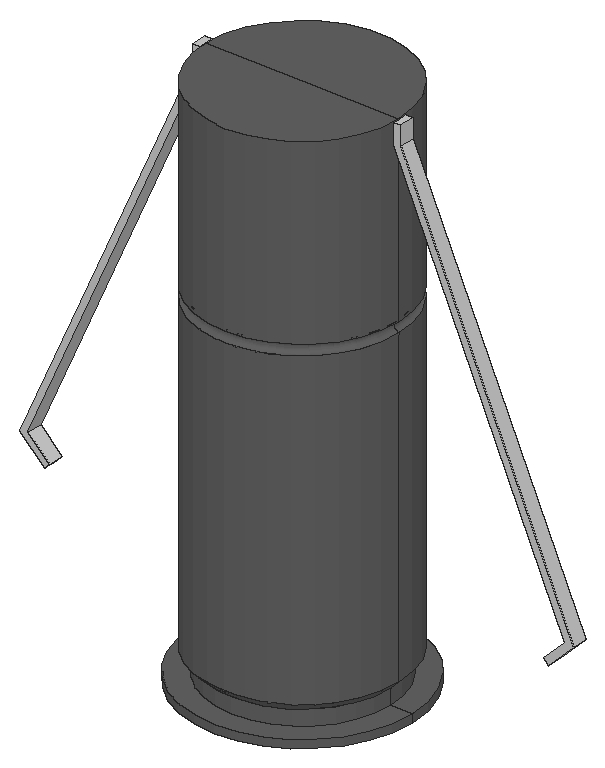
Revit family "LBMS1W_DOWNLIGHT MINIS", category Luminarias, Revit 2019
Family settings
  Cota de conector redondo = Diámetro de uso
  Tipo de pieza = Normal
  Se basa en plano de trabajo = Sí
  Siempre vertical = Sí
  Corte con vacíos al cargar = No
  Origen de luz = Sí
  Compartido = No
  Punto de cálculo de habitación = No
Parameters (values of type "DOWNLIGHT MINI S_LBMS1W")
  Ángulo de inclinación = 60.00°
  Ángulo de enfoque = 40.00°
  Ángulo de campo de foco = 40.00°
  Zone [instance] = ""
  Watt per fixture = 2.2
  Wattage = 2.2 W
  built-in parameter 1150107 = 3000 (stored number, unit not read)
  Radio int = 10 mm
  Radio ext = 12.5 mm
  built-in parameter 1150110 = 1 (stored number, unit not read)
  built-in parameter 1150109 = 1 (stored number, unit not read)
  built-in parameter 1150112 = 1 (stored number, unit not read)
  built-in parameter 1150113 = 1 (stored number, unit not read)
  built-in parameter 1114218 = 1 (stored number, unit not read)
  Keynote = ""
  built-in parameter 1150137 = (empty or 0)
  built-in parameter 1150132 = (empty or 0)
  Modelo = "LBMS1W"
  Lámpara = "Osram"
  Longitud de símbolo de origen de luz = 500 mm
  built-in parameter 1150105 = 2154.1 (stored number, unit not read)
  built-in parameter 1150102 = (empty or 0)
  built-in parameter 1150106 = 21.541 (stored number, unit not read)
  Lumens = 213.62 lm
  Color Filter = 16777215
  built-in parameter 1114217 = 1 (stored number, unit not read)
  built-in parameter 1150139 = (empty or 0)
  Fabricante = "BRILLANT"
  Default Elevation = 1219.2 mm
  built-in parameter 1150104 = 9.0209 (stored number, unit not read)
  Descripción = "LUMINARIA MINI, TIPO CIRCULAR, PARA EMPOTRAR EN TECHO CON 25MM DE DIAMETRO POR 60MM DE HOUSING, CUERPO Y ANILLO EN COLOR NEGRO, IP 20 USO PARA INTERIORES, CUENTA CON 1 LED TIPO OSRAM CON UNA POTENCIA DE 2.2W, A UNA TEMPERATURA EN BLANCO CALIDO 3000K, IRC 80, APERTURA A 40 GRADOS, ALIMENTADA A 12V. REQUIERE ACCESORIOS."
  built-in parameter 1150115 = 1 (stored number, unit not read)
  built-in parameter 1150114 = 1 (stored number, unit not read)
  Comentarios de vataje = "12V"
  built-in parameter 1150138 = (empty or 0)
  built-in parameter 1150134 = (empty or 0)
  Circuit [instance] = ""
  Dimming Lamp Color Temperature Shift = (empty or 0)
  built-in parameter 1150133 = 10 (stored number, unit not read)
Reference planes
  plane 1 "Centro (Frontal/Posterior)": y = 0
  plane 2: z = 0
  plane 3 "Centro (Izquierda/Derecha)": x = 0
Forms (mm)
  Revolve 1, solid, material "Aluminio negro"
    sketch origin (0, 0, 0) x (1, 0, 0) y (0, 0, 1)
      loop
        line (-8.957, -0.9) -> (-5.417, 9.382) -> (0, 9.382) -> (0, 60) -> (-10.992, 60) -> (-10.992, 39.382)
        arc (-10.992, 39.382) -> (-10.4, 38.79) -> (-10.992, 38.197) r 0.592
        line (-10.992, 38.197) -> (-10.992, 2.708) -> (-10, 1.716) -> (-10, 0) -> (-12.5, 0) -> (-12.5, -0.9) -> (-8.957, -0.9)
      axis (0, 60) -> (0, -0.9)
    angle from 0 to 360
  Revolve 2, solid, material "Acero Inoxidable", not visible
    sketch origin (0, 0, 0) x (1, 0, 0) y (0, 0, 1)
      loop
        line (-53, 3.693) -> (-53, -3.75) -> (-51.344, -3.75) -> (-36.344, 11.25) -> (0, 11.25) -> (0, 51.82) -> (-49.098, 51.82) -> (-49.098, 3.693) -> (-53, 3.693)
      axis (0, -3.75) -> (0, 51.82)
    angle from 0 to 360
  Extrusion 3, solid, material "Acero Inoxidable", not visible
    sketch origin (0, 0, 0) x (1, 0, 0) y (0, 1, 0)
      loop
        arc (-37.804, -31.327) -> (0, -49.098) -> (37.804, -31.327) r 49.098
        line (37.804, -31.327) -> (37.804, 31.327) -> (26.507, 41.327) -> (-26.507, 41.327) -> (-37.804, 31.327) -> (-37.804, -31.327)
    from 51.82 to 108.492
  Extrusion 4, void, not visible
    sketch origin (0, 0, 0) x (1, 0, 0) y (0, 1, 0)
      loop
        line (-21.273, 41.327) -> (-21.273, 16.327) -> (-18.727, 16.327) -> (-18.727, 41.327) -> (-21.273, 41.327)
      loop
        line (-16.273, 41.327) -> (-16.273, 16.327) -> (-13.727, 16.327) -> (-13.727, 41.327) -> (-16.273, 41.327)
      loop
        line (-11.273, 41.327) -> (-11.273, 16.327) -> (-8.727, 16.327) -> (-8.727, 41.327) -> (-11.273, 41.327)
      loop
        line (-6.273, 41.327) -> (-6.273, 16.327) -> (-3.727, 16.327) -> (-3.727, 41.327) -> (-6.273, 41.327)
      loop
        line (-1.273, 41.327) -> (-1.273, 16.327) -> (1.273, 16.327) -> (1.273, 41.327) -> (-1.273, 41.327)
      loop
        line (21.273, 41.327) -> (18.727, 41.327) -> (18.727, 16.327) -> (21.273, 16.327) -> (21.273, 41.327)
      loop
        line (16.273, 41.327) -> (13.727, 41.327) -> (13.727, 16.327) -> (16.273, 16.327) -> (16.273, 41.327)
      loop
        line (11.273, 41.327) -> (8.727, 41.327) -> (8.727, 16.327) -> (11.273, 16.327) -> (11.273, 41.327)
      loop
        line (6.273, 41.327) -> (3.727, 41.327) -> (3.727, 16.327) -> (6.273, 16.327) -> (6.273, 41.327)
    from 51.82 to 114.316
  Extrusion 5, solid, material "Acero Inoxidable", not visible
    sketch origin (0, 0, 0) x (1, 0, 0) y (0, 1, 0)
      loop
        arc (-27.655, 25.776) -> (0, -37.804) -> (27.655, 25.776) r 37.804
        arc (27.655, 25.776) -> (24.503, 33.265) -> (23.488, 41.327) r 29.844
        line (23.488, 41.327) -> (-23.488, 41.327)
        arc (-23.488, 41.327) -> (-24.503, 33.265) -> (-27.655, 25.776) r 29.844
    from 108.492 to 114.316
  Extrusion 6, void, not visible
    sketch origin (0, 0, 0) x (0, 1, 0) y (0, 0, 1)
      loop
        line (46.026, 75.747) -> (1.026, 51.82) -> (46.026, 51.82) -> (46.026, 75.747)
    from -37.804 to 37.804
  Extrusion 7, solid, material "Acero Inoxidable", not visible
    sketch origin (0, 0, 0) x (1, 0, 0) y (0, 1, 0)
      loop
        line (-32.068, 17.104) -> (-32.068, 1.026) -> (32.068, 1.026) -> (32.068, 17.104)
        arc (32.068, 17.104) -> (0, 36.344) -> (-32.068, 17.104) r 36.344
    from 51.82 to 73.248
  Extrusion 8, solid, material "Acero Inoxidable"
    sketch origin (0, 0, 0) x (1, 0, 0) y (0, 0, 1)
      loop
        line (-10.992, 60) -> (-11.792, 60) -> (-11.792, 57.858) -> (-31.436, 13.738) -> (-28.606, 10.908) -> (-28.041, 11.474) -> (-30.481, 13.914) -> (-10.992, 57.688) -> (-10.992, 60)
      loop
        line (10.992, 60) -> (10.992, 57.688) -> (30.481, 13.914) -> (28.041, 11.474) -> (28.606, 10.908) -> (31.436, 13.738) -> (11.792, 57.858) -> (11.792, 60) -> (10.992, 60)
    from -0.927 to 0.823
Lines and regions (mm)
  model lines, not visible
    curve 1: circle (0, 0, 0) r 85 normal (0, -1, 0)
Dimensions and locks
  Revolve 2 sketch curve to Revolve 2 sketch curve = 53 mm
  "Radio ext": plane 3 "Centro (Izquierda/Derecha)" to Revolve 1 sketch curve
  "Radio int": plane 3 "Centro (Izquierda/Derecha)" to Revolve 1 sketch curve
  Revolve 1 sketch curve to plane 2 = 60 mm
  locked: Revolve 1 sketch curve to Revolve 1 sketch curve at 1.508
  aligned and locked: level to plane 2
Automatic sketch dimensions
  Revolve 1 sketch curve to plane 3 "Centro (Izquierda/Derecha)" = 0 mm  (x2)
  Revolve 1 sketch curve to level = 0 mm
  Revolve 1 sketch curve to level = 0.9 mm
  Revolve 1 sketch curve to Revolve 1 sketch curve = 1.043 mm
  Revolve 1 sketch curve to Revolve 1 sketch curve = 5.417 mm
  level to Revolve 1 sketch curve = 1.716 mm
  Revolve 1 sketch curve to Revolve 1 sketch curve = 0.992 mm
  level to Revolve 1 sketch curve = 9.382 mm
  Revolve 1 sketch curve to Revolve 1 sketch curve = 21.803 mm
  Revolve 1 sketch curve to Revolve 1 sketch curve = 0.592 mm
  Revolve 1 sketch curve to Revolve 1 sketch curve = 0 mm
  Revolve 1 sketch curve to Revolve 1 sketch curve = 36.302 mm
  level to Extrusion 8 sketch curve = 13.738 mm  (x2)
  Extrusion 8 sketch curve to plane 3 "Centro (Izquierda/Derecha)" = 31.436 mm
  level to Extrusion 8 sketch curve = 13.914 mm  (x2)
  Extrusion 8 sketch curve to Extrusion 8 sketch curve = 0.954 mm
  level to Extrusion 8 sketch curve = 10.908 mm  (x2)
  Extrusion 8 sketch curve to Extrusion 8 sketch curve = 1.875 mm
  Extrusion 8 sketch curve to plane 3 "Centro (Izquierda/Derecha)" = 11.792 mm
  Extrusion 8 sketch curve to Extrusion 8 sketch curve = 0.8 mm  (x2)
  plane 3 "Centro (Izquierda/Derecha)" to Extrusion 8 sketch curve = 10.992 mm
  plane 3 "Centro (Izquierda/Derecha)" to Extrusion 8 sketch curve = 28.041 mm
  Extrusion 8 sketch curve to Extrusion 8 sketch curve = 0.566 mm
  Extrusion 8 sketch curve to Extrusion 8 sketch curve = 2.44 mm
  Extrusion 8 sketch curve to Extrusion 8 sketch curve = 43.773 mm
  Extrusion 8 sketch curve to Extrusion 8 sketch curve = 0 mm
  Extrusion 8 sketch curve to Extrusion 8 sketch curve = 0.17 mm  (x2)
  Extrusion 8 sketch curve to Extrusion 8 sketch curve = 2.142 mm  (x2)
Connectors
  electrical at (0, 0, 60)
    settings: on Revolve 1, index 1, voltage 12 V, apparent load 0 VA, apparent load phase1 0 VA, apparent load phase2 0 VA, apparent load phase3 0 VA, power factor 1, load classification "Otro", number of poles 1, system type 31, power factor state 1, is connector primary yes, connector utility no, sub classification motor no, connector description ""
